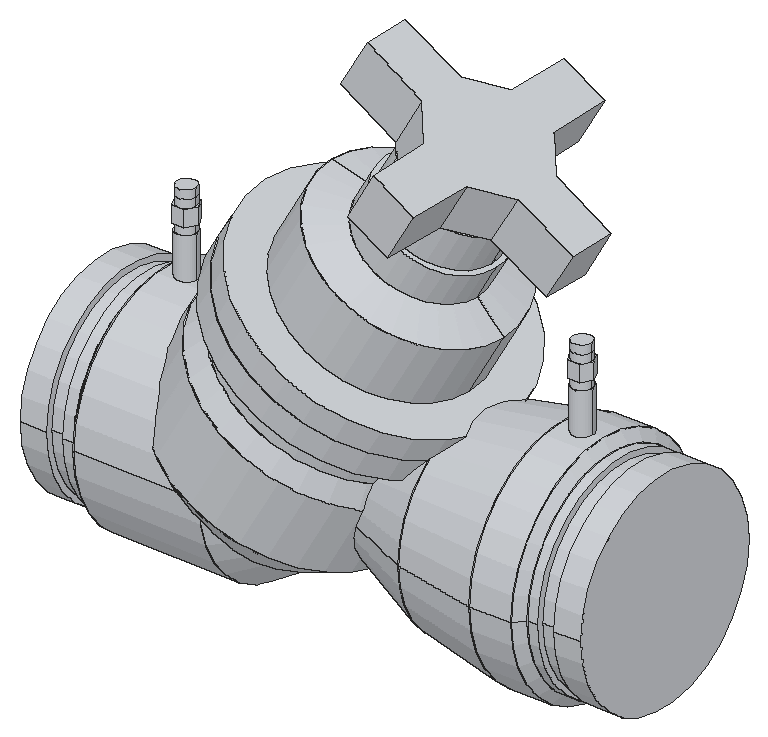
Revit family "447_d-DN250-RFA_2018", category Pipe Accessories, Revit 2018
Family settings
  Round Connector Dimension = Use Diameter
  Part Type = Valve - Breaks Into
  Work Plane-Based = No
  Always vertical = Yes
  Cut with Voids When Loaded = No
  Shared = No
Parameters (values of type "447_d-DN250")
  magiProductId = "7d63ae0d28f64990bc8ce3477101ef"
  magiProductFamilyId = "eab8c084d85f47fc9aed3208e9defb"
  magiPartTypeId = 304
  isMeasuringValve [instance] = no
  ang2D [instance] = 0.00°
  W3 = 31.658 mm
  W2D = 100 mm
  W2 = 71.601 mm
  W1 = 30.372 mm
  VersionID = "2.0/2018.4.11.4/ZETKAMA_447_GROOVED_001"
  Use Minimum Symbol Size [instance] = yes
  URL = "www.hydronix.cz"
  Type Comments = "drážkový spoj; PN16; -10~+120°C;"
  R9 = 177.45 mm
  R8 = 75.075 mm
  R7 = 81.9 mm
  R6 = 163.8 mm
  R5 = 155 mm
  R4 = 75.075 mm
  R3 = 150.15 mm
  R2 = 129.675 mm
  R13 = 15.657 mm
  R12 = 12.254 mm
  R11 = 13.615 mm
  R1 = 136.5 mm
  R = 125 mm
  QmdConnectorList = "301;D;302;D"
  Productdata [instance] = ""
  Model = ""
  Manufacturer = "Hydronix"
  Maintenance Zone Under Depth [instance] = 137 mm
  Maintenance Zone Right Depth [instance] = 730 mm
  Maintenance Zone Over Depth [instance] = 525 mm
  Maintenance Zone Left Depth [instance] = 730 mm
  Maintenance Zone Front Depth [instance] = 310 mm
  Maintenance Zone Back Depth [instance] = 310 mm
  Maintenance Zone Front Visibility [instance] = no
  MC Product Code = "447 250 d (DN250; PN16 kvs1187,5)"
  MC Piping Given Pressure Drop [instance] = 0.0 Pa
  L9 = 108.921 mm
  L8__ve = -L8  # -54.46 mm
  L8 = 54.46 mm
  L6 = 163.381 mm
  L5 = 10.429 mm
  L4__ve = -L4  # -13.905 mm
  L4 = 13.905 mm
  L3__ve = -L3  # -20.857 mm
  L3 = 20.857 mm
  L2__ve = -L2  # -34.762 mm
  L2D_Min = 3048 mm
  L2D = 350 mm
  L2 = 34.762 mm
  L13 = 27.23 mm
  L12 = 30.372 mm
  L11 = 31.658 mm
  L10 = 71.601 mm
  L1 = 365 mm
  KZ = 60.833 mm
  KL = 105.366 mm
  H9 = 13.779 mm
  H8 = 89.566 mm
  H7 = 34.449 mm
  H6 = 41.338 mm
  H5 = 27.559 mm
  H4 = 103.346 mm
  H17 = 21 mm
  H16 = 10.5 mm
  H15 = 202.65 mm
  H14 = 68.897 mm
  H13 = 51.673 mm
  H11 = 55.118 mm
  H10 = 48.228 mm
  Description = "Ruční vyvažovací ventil s drážkovým spojem"
  D = 250 mm
  CenSd_R13_6 = R13 * cos(30.00°)  # 13.56 mm
  Clearance Zone Height Depth [instance] = 525 mm
  Clearance Zone Circular Radius [instance] = 365 mm
  Clearance Zone Visibility [instance] = no
Types (10, lengths in mm): name | magiProductId | W3 | W2 | W1 | R9 | R8 | R7 | R6 | R5 | R4 | R3 | R2 | R13 | R12 | R11 | R1 | R | Maintenance Zone Under Depth | Maintenance Zone Right Depth | Maintenance Zone Over Depth | Maintenance Zone Left Depth | Maintenance Zone Front Depth | Maintenance Zone Back Depth | MC Product Code | L9 | L8__ve | L8 | L6 | L5 | L4__ve | L4 | L3__ve | L3 | L2__ve | L2 | L13 | L12 | L11 | L10 | L1 | KZ | KL | H9 | H8 | H7 | H6 | H5 | H4 | H17 | H16 | H15 | H14 | H13 | H11 | H10 | D | CenSd_R13_6 | Clearance Zone Height Depth | Clearance Zone Circular Radius
  447_d-DN100 | "e5a6bfdd9ca54003a0551f5d760c3c" | 14.437 | 30.026 | 12.736 | 74.1 | 31.35 | 34.2 | 68.4 | 65 | 31.35 | 62.7 | 54.15 | 7.507 | 5.875 | 6.528 | 57 | 50 | 57 | 350 | 240 | 350 | 130 | 130 | "447 100 d (DN100; PN16 kvs180,5)" | 52.222 | -26.111 | 26.111 | 78.333 | 5 | -6.667 | 6.667 | -10 | 10 | -16.667 | 16.667 | 13.056 | 12.736 | 14.437 | 30.026 | 175 | 29.167 | 50.518 | 6.389 | 41.531 | 15.973 | 19.168 | 12.779 | 47.92 | 9.6 | 4.8 | 86.7 | 31.947 | 23.96 | 25.557 | 22.363 | 100 | 6.501 | 240 | 175
  447_d-DN125 | "5795ec580370482d8c46e49d975863" | 14.437 | 30.026 | 12.736 | 91.65 | 38.775 | 42.3 | 84.6 | 65 | 38.775 | 77.55 | 66.975 | 8.579 | 6.714 | 7.46 | 70.5 | 62.5 | 71 | 400 | 260 | 400 | 130 | 130 | "447 125 d (DN125; PN16 kvs280,0)" | 59.683 | -29.841 | 29.841 | 89.524 | 5.714 | -7.619 | 7.619 | -11.429 | 11.429 | -19.048 | 19.048 | 14.921 | 12.736 | 14.437 | 30.026 | 200 | 33.333 | 57.735 | 7.005 | 45.534 | 17.513 | 21.016 | 14.01 | 52.539 | 10.4 | 5.2 | 103.55 | 35.026 | 26.269 | 28.021 | 24.518 | 125 | 7.43 | 260 | 200
  447_d-DN150 | "9b6b5ad10a674c51b522359e7e2d39" | 14.437 | 30.026 | 12.736 | 109.2 | 46.2 | 50.4 | 100.8 | 65 | 46.2 | 92.4 | 79.8 | 10.295 | 8.057 | 8.952 | 84 | 75 | 84 | 480 | 285 | 480 | 130 | 130 | "447 150 d (DN150; PN16 kvs383,4)" | 71.619 | -35.81 | 35.81 | 107.429 | 6.857 | -9.143 | 9.143 | -13.714 | 13.714 | -22.857 | 22.857 | 17.905 | 12.736 | 14.437 | 30.026 | 240 | 40 | 69.282 | 7.775 | 50.537 | 19.437 | 23.325 | 15.55 | 58.312 | 11.4 | 5.7 | 120.9 | 38.875 | 29.156 | 31.1 | 27.212 | 150 | 8.916 | 285 | 240
  447_d-DN200 | "f5a67fe5c2444fc986ed7f87b9a4ed" | 31.658 | 71.601 | 30.372 | 142.35 | 60.225 | 65.7 | 131.4 | 155 | 60.225 | 120.45 | 104.025 | 12.869 | 10.071 | 11.19 | 109.5 | 100 | 110 | 600 | 480 | 600 | 310 | 310 | "447 200 d (DN200; PN16 kvs710,0)" | 89.524 | -44.762 | 44.762 | 134.286 | 8.571 | -11.429 | 11.429 | -17.143 | 17.143 | -28.571 | 28.571 | 22.381 | 30.372 | 31.658 | 71.601 | 300 | 50 | 86.603 | 12.394 | 80.56 | 30.984 | 37.181 | 24.788 | 92.953 | 19.2 | 9.6 | 168.45 | 61.969 | 46.477 | 49.575 | 43.378 | 200 | 11.145 | 480 | 300
  447_d-DN250 | "7d63ae0d28f64990bc8ce3477101ef" | 31.658 | 71.601 | 30.372 | 177.45 | 75.075 | 81.9 | 163.8 | 155 | 75.075 | 150.15 | 129.675 | 15.657 | 12.254 | 13.615 | 136.5 | 125 | 137 | 730 | 525 | 730 | 310 | 310 | "447 250 d (DN250; PN16 kvs1187,5)" | 108.921 | -54.46 | 54.46 | 163.381 | 10.429 | -13.905 | 13.905 | -20.857 | 20.857 | -34.762 | 34.762 | 27.23 | 30.372 | 31.658 | 71.601 | 365 | 60.833 | 105.366 | 13.779 | 89.566 | 34.449 | 41.338 | 27.559 | 103.346 | 21 | 10.5 | 202.65 | 68.897 | 51.673 | 55.118 | 48.228 | 250 | 13.56 | 525 | 365
  447_d-DN300 | "0a2a34dba99a430aa7daf784d6b0c1" | 31.658 | 71.601 | 30.372 | 210.6 | 89.1 | 97.2 | 194.4 | 155 | 89.1 | 178.2 | 153.9 | 18.231 | 14.268 | 15.853 | 162 | 150 | 162 | 850 | 535 | 850 | 310 | 310 | "447 300 d (DN300; PN16 kvs1504,1)" | 126.825 | -63.413 | 63.413 | 190.238 | 12.143 | -16.19 | 16.19 | -24.286 | 24.286 | -40.476 | 40.476 | 31.706 | 30.372 | 31.658 | 71.601 | 425 | 70.833 | 122.687 | 14.087 | 91.568 | 35.218 | 42.262 | 28.175 | 105.655 | 21.4 | 10.7 | 231.7 | 70.437 | 52.828 | 56.349 | 49.306 | 300 | 15.789 | 535 | 425
  447_d-DN040 | "6dc4a6b5eb924103b02307904d600f" | 9.08 | 17.092 | 7.25 | 31.2 | 13.2 | 14.4 | 28.8 | 37 | 13.2 | 26.4 | 22.8 | 4.29 | 3.357 | 3.73 | 24 | 20 | 24 | 200 | 130 | 200 | 74 | 74 | "447 040 d (DN40; PN16 kvs22,36)" | 29.841 | -14.921 | 14.921 | 44.762 | 2.857 | -3.81 | 3.81 | -5.714 | 5.714 | -9.524 | 9.524 | 7.46 | 7.25 | 9.08 | 17.092 | 100 | 16.667 | 28.868 | 3.433 | 22.317 | 8.583 | 10.3 | 6.867 | 25.75 | 5.2 | 2.6 | 39.4 | 17.167 | 12.875 | 13.733 | 12.017 | 40 | 3.715 | 130 | 100
  447_d-DN050 | "b59a3d0ad4654cda90cee0c397c848" | 9.08 | 17.092 | 7.25 | 39 | 16.5 | 18 | 36 | 37 | 16.5 | 33 | 28.5 | 4.933 | 3.861 | 4.29 | 30 | 25 | 30 | 230 | 130 | 230 | 130 | 130 | "447 050 d (DN50; PN16 kvs32,15)" | 34.317 | -17.159 | 17.159 | 51.476 | 3.286 | -4.381 | 4.381 | -6.571 | 6.571 | -10.952 | 10.952 | 8.579 | 7.25 | 9.08 | 17.092 | 115 | 19.167 | 33.198 | 3.433 | 22.317 | 8.583 | 10.3 | 6.867 | 25.75 | 5.2 | 2.6 | 46 | 17.167 | 12.875 | 13.733 | 12.017 | 50 | 4.272 | 130 | 115
  447_d-DN065 | "356db372cd37496c9ff0d3ad255dc6" | 14.437 | 30.026 | 12.736 | 49.4 | 20.9 | 22.8 | 45.6 | 65 | 20.9 | 41.8 | 36.1 | 6.22 | 4.868 | 5.409 | 38 | 32.5 | 38 | 290 | 220 | 290 | 130 | 130 | "447 065 d (DN65; PN16 kvs83,3)" | 43.27 | -21.635 | 21.635 | 64.905 | 4.143 | -5.524 | 5.524 | -8.286 | 8.286 | -13.81 | 13.81 | 10.817 | 12.736 | 14.437 | 30.026 | 145 | 24.167 | 41.858 | 5.774 | 37.528 | 14.434 | 17.321 | 11.547 | 43.301 | 8.8 | 4.4 | 63.8 | 28.868 | 21.651 | 23.094 | 20.207 | 65 | 5.387 | 220 | 145
  447_d-DN080 | "f43aa02b4841429783243073d22ea7" | 14.437 | 30.026 | 12.736 | 57.85 | 24.475 | 26.7 | 53.4 | 65 | 24.475 | 48.95 | 42.275 | 6.649 | 5.204 | 5.782 | 44.5 | 40 | 45 | 310 | 220 | 310 | 130 | 130 | "447 080 d (DN80; PN16 kvs104,3)" | 46.254 | -23.127 | 23.127 | 69.381 | 4.429 | -5.905 | 5.905 | -8.857 | 8.857 | -14.762 | 14.762 | 11.563 | 12.736 | 14.437 | 30.026 | 155 | 25.833 | 44.745 | 5.774 | 37.528 | 14.434 | 17.321 | 11.547 | 43.301 | 8.8 | 4.4 | 70.95 | 28.868 | 21.651 | 23.094 | 20.207 | 80 | 5.758 | 220 | 155
Reference planes
  plane 1 "Center (Front/Back)": y = 0
  plane 2 "XYPLANE": z = 0
  plane 3 "Center (Left/Right)": x = 0
  plane 4 "159": y = 310
  plane 5 "158": y = -310
  plane 6 "157": z = -137
  plane 7 "156": z = 525
  plane 8 "155": x = -730
  plane 9 "154": x = 730
  plane 10 "132": z = 244.65
  plane 11 "125": z = 234.15
  plane 12 "120": z = 213.15
  plane 13 "119": z = 202.65
  plane 14 "112": x = 257.817
  plane 15 "111": x = -257.817
  plane 16 "109": y = -31.658
  plane 17 "108": y = 31.658
  plane 18 "105": through (310.053, 0, 687.016) normal (0.866, 0, -0.5)
  plane 19 "104": through (257.447, 0, 717.388) normal (0.866, 0, -0.5)
  plane 20 "103": y = -71.601
  plane 21 "102": y = -30.372
  plane 22 "101": y = 71.601
  plane 23 "100": y = 30.372
  plane 24 "99": through (256.333, 0, 718.031) normal (0.866, 0, -0.5)
  plane 25 "98": through (221.742, 0, 738.003) normal (0.866, 0, -0.5)
  plane 26 "97": through (311.167, 0, 686.373) normal (0.866, 0, -0.5)
  plane 27 "96": through (345.758, 0, 666.402) normal (0.866, 0, -0.5)
  plane 28 "95": y = -155
  plane 29 "94": y = 155
  plane 30 "93": through (417.984, 0, 624.702) normal (0.866, 0, -0.5)
  plane 31 "92": through (149.516, 0, 779.702) normal (0.866, 0, -0.5)
  plane 32 "88": x = 121.667
  plane 33 "87": x = 230.587
  plane 34 "81": through (-456.02, 0, 710.15) normal (0.5, 0, 0.866)
  plane 35 "80": through (-483.579, 0, 662.417) normal (0.5, 0, 0.866)
  plane 36 "75": through (-507.693, 0, 620.65) normal (0.5, 0, 0.866)
  plane 37 "72": through (-514.583, 0, 608.717) normal (0.5, 0, 0.866)
  plane 38 "68": through (-559.366, 0, 531.15) normal (0.5, 0, 0.866)
  plane 39 "67": through (-576.59, 0, 501.317) normal (0.5, 0, 0.866)
  plane 40 "62": through (-705.772, 0, 277.567) normal (0.5, 0, 0.866)
  plane 41 "61": through (-593.814, 0, 471.483) normal (0.5, 0, 0.866)
  plane 42 "58": through (-614.483, 0, 435.683) normal (0.5, 0, 0.866)
  plane 43 "56": through (-628.263, 0, 411.817) normal (0.5, 0, 0.866)
  plane 44 "51": y = 0
  plane 45 "49": through (283.75, 0, 702.202) normal (0.866, 0, -0.5)
  plane 46 "48": through (-679.936, 0, 322.317) normal (0.5, 0, 0.866)
  plane 47 "30": x = 285.048
  plane 48 "29": x = 295.476
  plane 49 "28": x = 309.381
  plane 50 "27": x = 330.238
  plane 51 "14": x = -121.667
  plane 52 "13": x = -285.048
  plane 53 "12": x = -295.476
  plane 54 "11": x = -309.381
  plane 55 "10": x = -330.238
  plane 56 "8": x = -365
  plane 57 "7": x = 365
  plane 58 "6": y = 0
  plane 59 "5": x = 0
  plane 60 "4": z = 0
  plane 61 "45XY": through (-649.519, 0, 375) normal (0.5, 0, 0.866)
  plane 62 "45XZ": y = 0
  plane 63 "45YZ": through (375, 0, 649.519) normal (0.866, 0, -0.5)
Forms (mm)
  Blend 1, solid, visible <- "Maintenance Zone Front Visibility"
    base sketch origin (-750, 0, -137) x (1, 0, 0) y (0, 1, 0)
      loop
        line (20, 310) -> (20, -310) -> (1480, -310) -> (1480, 310) -> (20, 310)
    top sketch origin (-750, 0, -137) x (1, 0, 0) y (0, 1, 0)
      loop
        line (20, 310) -> (20, -310) -> (1480, -310) -> (1480, 310) -> (20, 310)
    from 0 to 662
  Extrusion 2, solid, visible <- "Clearance Zone Visibility"
    sketch origin (-750, 0, 0) x (1, 0, 0) y (0, 1, 0)
      loop
        circle (750, 0) r 365
    from 0 to 525 <- "Clearance Zone Height Depth"
  Extrusion 3, solid
    sketch origin (-750, 0, 244.65) x (1, 0, 0) y (0, 1, 0)
      loop
        circle (1007.817, 0) r 12.254
    from 0 to 10.5 <- "H16"
  Extrusion 4, solid
    sketch origin (-750, 0, 234.15) x (1, 0, 0) y (0, 1, 0)
      loop
        circle (1007.817, 0) r 12.254
    from 0 to 10.5 <- "H16"
  Extrusion 5, solid
    sketch origin (-750, 0, 244.65) x (1, 0, 0) y (0, 1, 0)
      loop
        circle (492.183, 0) r 12.254
    from 0 to 10.5 <- "H16"
  Extrusion 6, solid
    sketch origin (-750, 0, 234.15) x (1, 0, 0) y (0, 1, 0)
      loop
        circle (492.183, 0) r 12.254
    from 0 to 10.5 <- "H16"
  Extrusion 7, solid
    sketch origin (-750, 0, 213.15) x (1, 0, 0) y (0, 1, 0)
      loop
        line (1023.475, 0) -> (1015.646, 13.56) -> (999.989, 13.56) -> (992.16, 0) -> (999.989, -13.56) -> (1015.646, -13.56) -> (1023.475, 0)
    from 0 to 21 <- "H17"
  Extrusion 8, solid
    sketch origin (-750, 0, 213.15) x (1, 0, 0) y (0, 1, 0)
      loop
        line (507.84, 0) -> (500.011, 13.56) -> (484.354, 13.56) -> (476.525, 0) -> (484.354, -13.56) -> (500.011, -13.56) -> (507.84, 0)
    from 0 to 21 <- "H17"
  Extrusion 9, solid
    sketch origin (-750, 0, 202.65) x (1, 0, 0) y (0, 1, 0)
      loop
        circle (1007.817, 0) r 12.254
    from 0 to 10.5 <- "H16"
  Extrusion 10, solid
    sketch origin (-750, 0, 202.65) x (1, 0, 0) y (0, 1, 0)
      loop
        circle (492.183, 0) r 12.254
    from 0 to 10.5 <- "H16"
  Extrusion 11, solid
    sketch origin (-750, 0, 0) x (1, 0, 0) y (0, 1, 0)
      loop
        circle (1007.817, 0) r 13.615
    from 0 to 202.65 <- "H15"
  Extrusion 12, solid
    sketch origin (-750, 0, 0) x (1, 0, 0) y (0, 1, 0)
      loop
        circle (492.183, 0) r 13.615
    from 0 to 202.65 <- "H15"
  Extrusion 13, solid
    sketch origin (-456.02, 0, 710.15) x (0.866025, 0, -0.5) y (0, 1, 0)
      loop
        line (489.634, 30.372) -> (489.634, -30.372) -> (573.033, -31.658) -> (612.976, -71.601) -> (614.262, -155) -> (675.005, -155) -> (676.292, -71.601) -> (716.234, -31.658) -> (799.634, -30.372) -> (799.634, 30.372) -> (716.234, 31.658) -> (676.292, 71.601) -> (675.005, 155) -> (614.262, 155) -> (612.976, 71.601) -> (573.033, 31.658) -> (489.634, 30.372)
    from 0 to 68.897 <- "H14"
  Blend 14, solid
    base sketch origin (230.587, -750, 0) x (0, 1, 0) y (0, 0, 1)
      loop
        circle (750, 0) r 150.15
    top sketch origin (230.587, -750, 0) x (0, 1, 0) y (0, 0, 1)
      loop
        circle (750, 0) r 129.675
    from 0 to -108.921
  Extrusion 15, solid
    sketch origin (-576.59, 0, 501.317) x (0.866025, 0, -0.5) y (0, 1, 0)
      loop
        circle (644.634, 0) r 177.45
    from 0 to 34.449 <- "H7"
  Extrusion 16, solid
    sketch origin (-593.814, 0, 471.483) x (0.866025, 0, -0.5) y (0, 1, 0)
      loop
        circle (644.634, 0) r 177.45
    from 0 to 34.449 <- "H7"
  Extrusion 17, solid
    sketch origin (-483.579, 0, 662.417) x (0.866025, 0, -0.5) y (0, 1, 0)
      loop
        circle (644.634, 0) r 75.075
    from 0 to 55.118 <- "H11"
  Blend 18, solid
    base sketch origin (-514.583, 0, 608.717) x (0.866025, 0, -0.5) y (0, 1, 0)
      loop
        circle (644.634, 0) r 129.675
    top sketch origin (-514.583, 0, 608.717) x (0.866025, 0, -0.5) y (0, 1, 0)
      loop
        circle (644.634, 0) r 81.9
    from 0 to 13.779
  Extrusion 19, solid
    sketch origin (-559.366, 0, 531.15) x (0.866025, 0, -0.5) y (0, 1, 0)
      loop
        circle (644.634, 0) r 129.675
    from 0 to 89.566 <- "H8"
  Extrusion 20, solid
    sketch origin (-507.693, 0, 620.65) x (0.866025, 0, -0.5) y (0, 1, 0)
      loop
        circle (644.634, 0) r 81.9
    from 0 to 48.228 <- "H10"
  Blend 21, solid
    base sketch origin (-679.936, 0, 322.317) x (0.866025, 0, -0.5) y (0, 1, 0)
      loop
        circle (644.634, 0) r 163.8
    top sketch origin (-679.936, 0, 322.317) x (0.866025, 0, -0.5) y (0, 1, 0)
      loop
        circle (644.634, 0) r 125
    from 0 to -51.673
  Extrusion 22, solid
    sketch origin (-614.483, 0, 435.683) x (0.866025, 0, -0.5) y (0, 1, 0)
      loop
        circle (644.634, 0) r 150.15
    from 0 to 41.338 <- "H6"
  Blend 23, solid
    base sketch origin (-628.263, 0, 411.817) x (0.866025, 0, -0.5) y (0, 1, 0)
      loop
        circle (644.634, 0) r 163.8
    top sketch origin (-628.263, 0, 411.817) x (0.866025, 0, -0.5) y (0, 1, 0)
      loop
        circle (644.634, 0) r 150.15
    from 0 to 27.559
  Extrusion 24, solid
    sketch origin (-679.936, 0, 322.317) x (0.866025, 0, -0.5) y (0, 1, 0)
      loop
        circle (644.634, 0) r 163.8
    from 0 to 103.346 <- "H4"
  Extrusion 25, solid
    sketch origin (365, -750, 0) x (0, 1, 0) y (0, 0, 1)
      loop
        circle (750, 0) r 136.5
    from 0 to -34.762 <- "L2__ve"
  Extrusion 26, solid
    sketch origin (330.238, -750, 0) x (0, 1, 0) y (0, 0, 1)
      loop
        circle (750, 0) r 129.675
    from 0 to -20.857 <- "L3__ve"
  Extrusion 27, solid
    sketch origin (309.381, -750, 0) x (0, 1, 0) y (0, 0, 1)
      loop
        circle (750, 0) r 136.5
    from 0 to -13.905 <- "L4__ve"
  Blend 28, solid
    base sketch origin (295.476, -750, 0) x (0, 1, 0) y (0, 0, 1)
      loop
        circle (750, 0) r 136.5
    top sketch origin (295.476, -750, 0) x (0, 1, 0) y (0, 0, 1)
      loop
        circle (750, 0) r 150.15
    from 0 to -10.429
  Extrusion 29, solid
    sketch origin (285.048, -750, 0) x (0, 1, 0) y (0, 0, 1)
      loop
        circle (750, 0) r 150.15
    from 0 to -54.46 <- "L8__ve"
  Blend 30, solid
    base sketch origin (121.667, -750, 0) x (0, 1, 0) y (0, 0, 1)
      loop
        circle (750, 0) r 129.675
    top sketch origin (121.667, -750, 0) x (0, 1, 0) y (0, 0, 1)
      loop
        circle (750, 0) r 75.075
    from 0 to -121.667
  Blend 31, solid
    base sketch origin (-121.667, -750, 0) x (0, 1, 0) y (0, 0, 1)
      loop
        circle (750, 0) r 150.15
    top sketch origin (-121.667, -750, 0) x (0, 1, 0) y (0, 0, 1)
      loop
        circle (750, 0) r 75.075
    from 0 to 121.667
  Extrusion 32, solid
    sketch origin (-285.048, -750, 0) x (0, 1, 0) y (0, 0, 1)
      loop
        circle (750, 0) r 150.15
    from 0 to 163.381 <- "L6"
  Blend 33, solid
    base sketch origin (-295.476, -750, 0) x (0, 1, 0) y (0, 0, 1)
      loop
        circle (750, 0) r 136.5
    top sketch origin (-295.476, -750, 0) x (0, 1, 0) y (0, 0, 1)
      loop
        circle (750, 0) r 150.15
    from 0 to 10.429
  Extrusion 34, solid
    sketch origin (-309.381, -750, 0) x (0, 1, 0) y (0, 0, 1)
      loop
        circle (750, 0) r 136.5
    from 0 to 13.905 <- "L4"
  Extrusion 35, solid
    sketch origin (-330.238, -750, 0) x (0, 1, 0) y (0, 0, 1)
      loop
        circle (750, 0) r 129.675
    from 0 to 20.857 <- "L3"
  Extrusion 36, solid
    sketch origin (-365, -750, 0) x (0, 1, 0) y (0, 0, 1)
      loop
        circle (750, 0) r 136.5
    from 0 to 34.762 <- "L2"
  Extrusion 37, solid, not visible
    sketch origin (-365, -750, 0) x (0, 1, 0) y (0, 0, 1)
      loop
        circle (750, 0) r 27.635
    from 0 to 10
  Extrusion 38, solid, not visible
    sketch origin (365, -750, 0) x (0, 1, 0) y (0, 0, 1)
      loop
        circle (750, 0) r 27.635
    from 0 to -10
Lines and regions (mm)
  reference lines, not visible
    curve 1: circle (2, 2, 0) r 1 normal (0, 0, 1)
  reference lines
    curve 2: line (257.817, 0, 213.15) -> (255.941, 3.251, 213.15)
    curve 3: line (257.817, 0, 213.15) -> (254.064, 0, 213.15)
    curve 4: line (257.817, 0, 213.15) -> (255.941, -3.251, 213.15)
    curve 5: line (-257.817, 0, 213.15) -> (-259.694, 3.251, 213.15)
    curve 6: line (-257.817, 0, 213.15) -> (-261.571, 0, 213.15)
    curve 7: line (-257.817, 0, 213.15) -> (-259.694, -3.251, 213.15)
Dimensions and locks
  plane 1 "Center (Front/Back)" to curve 1 = 2 mm
  "Maintenance Zone Back Depth": plane 1 "Center (Front/Back)" to plane 4 "159"
  "Maintenance Zone Front Depth": plane 1 "Center (Front/Back)" to plane 5 "158"
  "Maintenance Zone Under Depth": plane 2 "XYPLANE" to plane 6 "157"
  "Maintenance Zone Over Depth": plane 2 "XYPLANE" to plane 7 "156"
  "Maintenance Zone Left Depth": plane 3 "Center (Left/Right)" to plane 8 "155"
  "Maintenance Zone Right Depth": plane 3 "Center (Left/Right)" to plane 9 "154"
  "H16": plane 11 "125" to plane 10 "132"
  "H17": plane 12 "120" to plane 11 "125"
  "H16": plane 13 "119" to plane 12 "120"
  "H15": plane 2 "XYPLANE" to plane 13 "119"
  "L13": plane 47 "30" to plane 14 "112"
  "L13": plane 52 "13" to plane 15 "111"
  "W3": plane 44 "51" to plane 16 "109"
  "W3": plane 44 "51" to plane 17 "108"
  "L12": plane 45 "49" to plane 18 "105"
  "L12": plane 45 "49" to plane 19 "104"
  "W2": plane 58 "6" to plane 20 "103"
  "W1": plane 58 "6" to plane 21 "102"
  "W2": plane 58 "6" to plane 22 "101"
  "W1": plane 58 "6" to plane 23 "100"
  "L11": plane 45 "49" to plane 24 "99"
  "L10": plane 45 "49" to plane 25 "98"
  "L11": plane 45 "49" to plane 26 "97"
  "L10": plane 45 "49" to plane 27 "96"
  "R5": plane 58 "6" to plane 28 "95"
  "R5": plane 58 "6" to plane 29 "94"
  "R5": plane 45 "49" to plane 30 "93"
  "R5": plane 45 "49" to plane 31 "92"
  "L9": plane 33 "87" to plane 32 "88"
  "L8": plane 47 "30" to plane 33 "87"
  "H11": plane 35 "80" to plane 34 "81"
  "H10": plane 36 "75" to plane 35 "80"
  "H9": plane 37 "72" to plane 36 "75"
  "H8": plane 38 "68" to plane 37 "72"
  "H7": plane 39 "67" to plane 38 "68"
  "H7": plane 41 "61" to plane 39 "67"
  "H13": plane 46 "48" to plane 40 "62"
  "H6": plane 42 "58" to plane 41 "61"
  "H5": plane 43 "56" to plane 42 "58"
  "H4": plane 46 "48" to plane 43 "56"
  locked: plane 58 "6" to plane 44 "51"
  "KL": plane 63 "45YZ" to plane 45 "49"
  "KZ": plane 61 "45XY" to plane 46 "48"
  "L5": plane 48 "29" to plane 47 "30"
  "L4": plane 49 "28" to plane 48 "29"
  "L3": plane 50 "27" to plane 49 "28"
  "L2": plane 57 "7" to plane 50 "27"
  "L6": plane 52 "13" to plane 51 "14"
  "L5": plane 53 "12" to plane 52 "13"
  "L4": plane 54 "11" to plane 53 "12"
  "L3": plane 55 "10" to plane 54 "11"
  "L2": plane 56 "8" to plane 55 "10"
  "L1": plane 3 "Center (Left/Right)" to plane 56 "8"
  "L1": plane 3 "Center (Left/Right)" to plane 57 "7"
  locked: plane 1 "Center (Front/Back)" to plane 58 "6"
  locked: plane 3 "Center (Left/Right)" to plane 59 "5"
  locked: plane 2 "XYPLANE" to plane 60 "4"
  Blend 1 sketch curve to Blend 1 sketch curve = 0 mm  (x16)
  "CenSd_R13_6": curve 2 to Extrusion 7 sketch curve  (x2)
  "CenSd_R13_6": curve 3 to Extrusion 7 sketch curve  (x2)
  "CenSd_R13_6": curve 4 to Extrusion 7 sketch curve  (x2)
  Extrusion 7 sketch curve to Extrusion 7 sketch curve = 0 mm  (x12)
  "CenSd_R13_6": curve 5 to Extrusion 8 sketch curve  (x2)
  "CenSd_R13_6": curve 6 to Extrusion 8 sketch curve  (x2)
  "CenSd_R13_6": curve 7 to Extrusion 8 sketch curve  (x2)
  Extrusion 8 sketch curve to Extrusion 8 sketch curve = 0 mm  (x12)
  Extrusion 13 sketch curve to Extrusion 13 sketch curve = 0 mm  (x32)
  "Clearance Zone Circular Radius": radius of Extrusion 2 sketch curve
  "R12": radius of Extrusion 3 sketch curve
  "R12": radius of Extrusion 4 sketch curve
  "R12": radius of Extrusion 5 sketch curve
  "R12": radius of Extrusion 6 sketch curve
  "R12": radius of Extrusion 9 sketch curve
  "R12": radius of Extrusion 10 sketch curve
  "R11": radius of Extrusion 11 sketch curve
  "R11": radius of Extrusion 12 sketch curve
  "R2": radius of Blend 14 sketch curve
  "R3": radius of Blend 14 sketch curve
  "R9": radius of Extrusion 15 sketch curve
  "R9": radius of Extrusion 16 sketch curve
  "R8": radius of Extrusion 17 sketch curve
  "R7": radius of Blend 18 sketch curve
  "R2": radius of Blend 18 sketch curve
  "R2": radius of Extrusion 19 sketch curve
  "R7": radius of Extrusion 20 sketch curve
  "R": radius of Blend 21 sketch curve
  "R6": radius of Blend 21 sketch curve
  "R3": radius of Extrusion 22 sketch curve
  "R3": radius of Blend 23 sketch curve
  "R6": radius of Blend 23 sketch curve
  "R6": radius of Extrusion 24 sketch curve
  "R1": radius of Extrusion 25 sketch curve
  "R2": radius of Extrusion 26 sketch curve
  "R1": radius of Extrusion 27 sketch curve
  "R3": radius of Blend 28 sketch curve
  "R1": radius of Blend 28 sketch curve
  "R3": radius of Extrusion 29 sketch curve
  "R4": radius of Blend 30 sketch curve
  "R2": radius of Blend 30 sketch curve
  "R4": radius of Blend 31 sketch curve
  "R3": radius of Blend 31 sketch curve
  "R3": radius of Extrusion 32 sketch curve
  "R3": radius of Blend 33 sketch curve
  "R1": radius of Blend 33 sketch curve
  "R1": radius of Extrusion 34 sketch curve
  "R2": radius of Extrusion 35 sketch curve
  "R1": radius of Extrusion 36 sketch curve
  locked: curve 3 to curve 2 (angle 60.00°)
  locked: curve 4 to curve 3 (angle 60.00°)
  locked: curve 4 to curve 2 (angle 120.00°)
  locked: curve 6 to curve 5 (angle 60.00°)
  locked: curve 7 to curve 6 (angle 60.00°)
  locked: curve 7 to curve 5 (angle 120.00°)
  aligned and locked: level to plane 2 "XYPLANE"
  aligned and locked: Blend 1 sketch curve to plane 8 "155"  (x2)
  aligned and locked: plane 4 "159" to Blend 1 sketch curve  (x4)
  aligned and locked: plane 5 "158" to Blend 1 sketch curve  (x4)
  aligned and locked: plane 8 "155" to Blend 1 sketch curve  (x2)
  aligned and locked: plane 9 "154" to Blend 1 sketch curve  (x4)
  aligned and locked: plane 7 "156" to Blend 1
  aligned and locked: plane 58 "6" to Extrusion 2 sketch curve
  aligned and locked: plane 59 "5" to Extrusion 2 sketch curve
  aligned and locked: plane 14 "112" to Extrusion 3 sketch curve
  aligned and locked: plane 58 "6" to Extrusion 3 sketch curve
  aligned and locked: plane 14 "112" to Extrusion 4 sketch curve
  aligned and locked: plane 58 "6" to Extrusion 4 sketch curve
  aligned and locked: plane 15 "111" to Extrusion 5 sketch curve
  aligned and locked: plane 58 "6" to Extrusion 5 sketch curve
  aligned and locked: plane 15 "111" to Extrusion 6 sketch curve
  aligned and locked: plane 58 "6" to Extrusion 6 sketch curve
  aligned and locked: plane 14 "112" to curve 4
  aligned and locked: plane 58 "6" to curve 4
  aligned and locked: plane 15 "111" to curve 6
  aligned and locked: plane 58 "6" to curve 6
  aligned and locked: plane 14 "112" to Extrusion 9 sketch curve
  aligned and locked: plane 58 "6" to Extrusion 9 sketch curve
  aligned and locked: plane 15 "111" to Extrusion 10 sketch curve
  aligned and locked: plane 58 "6" to Extrusion 10 sketch curve
  aligned and locked: plane 14 "112" to Extrusion 11 sketch curve
  aligned and locked: plane 58 "6" to Extrusion 11 sketch curve
  aligned and locked: plane 15 "111" to Extrusion 12 sketch curve
  aligned and locked: plane 58 "6" to Extrusion 12 sketch curve
  aligned and locked: Extrusion 13 sketch curve to plane 31 "92"  (x2)
  aligned and locked: plane 23 "100" to Extrusion 13 sketch curve  (x2)
  aligned and locked: plane 21 "102" to Extrusion 13 sketch curve  (x2)
  aligned and locked: plane 16 "109" to Extrusion 13 sketch curve  (x2)
  aligned and locked: Extrusion 13 sketch curve to plane 25 "98"
  aligned and locked: plane 20 "103" to Extrusion 13 sketch curve  (x2)
  aligned and locked: Extrusion 13 sketch curve to plane 24 "99"
  aligned and locked: plane 28 "95" to Extrusion 13 sketch curve  (x2)
  aligned and locked: Extrusion 13 sketch curve to plane 19 "104"
  aligned and locked: Extrusion 13 sketch curve to plane 18 "105"
  aligned and locked: Extrusion 13 sketch curve to plane 26 "97"
  aligned and locked: Extrusion 13 sketch curve to plane 27 "96"
  aligned and locked: Extrusion 13 sketch curve to plane 30 "93"
  aligned and locked: plane 30 "93" to Extrusion 13 sketch curve
  aligned and locked: plane 17 "108" to Extrusion 13 sketch curve  (x2)
  aligned and locked: plane 27 "96" to Extrusion 13 sketch curve
  aligned and locked: plane 22 "101" to Extrusion 13 sketch curve  (x2)
  aligned and locked: plane 26 "97" to Extrusion 13 sketch curve
  aligned and locked: plane 18 "105" to Extrusion 13 sketch curve
  aligned and locked: plane 29 "94" to Extrusion 13 sketch curve  (x2)
  aligned and locked: plane 19 "104" to Extrusion 13 sketch curve
  aligned and locked: plane 24 "99" to Extrusion 13 sketch curve
  aligned and locked: plane 25 "98" to Extrusion 13 sketch curve
  aligned and locked: Blend 14 sketch curve to plane 58 "6"  (x2)
  aligned and locked: plane 60 "4" to Blend 14 sketch curve  (x2)
  aligned and locked: Blend 14 to plane 32 "88"
  aligned and locked: plane 44 "51" to Extrusion 15 sketch curve
  aligned and locked: Extrusion 15 sketch curve to plane 45 "49"
  aligned and locked: plane 44 "51" to Extrusion 16 sketch curve
  aligned and locked: Extrusion 16 sketch curve to plane 45 "49"
  aligned and locked: plane 44 "51" to Extrusion 17 sketch curve
  aligned and locked: Extrusion 17 sketch curve to plane 45 "49"
  aligned and locked: plane 44 "51" to Blend 18 sketch curve  (x2)
  aligned and locked: Blend 18 sketch curve to plane 45 "49"  (x2)
  aligned and locked: plane 36 "75" to Blend 18
  aligned and locked: plane 44 "51" to Extrusion 19 sketch curve
  aligned and locked: Extrusion 19 sketch curve to plane 45 "49"
  aligned and locked: plane 44 "51" to Extrusion 20 sketch curve
  aligned and locked: Extrusion 20 sketch curve to plane 45 "49"
  aligned and locked: plane 44 "51" to Blend 21 sketch curve  (x2)
  aligned and locked: Blend 21 sketch curve to plane 45 "49"  (x2)
  aligned and locked: Blend 21 to plane 40 "62"
  aligned and locked: plane 44 "51" to Extrusion 22 sketch curve
  aligned and locked: Extrusion 22 sketch curve to plane 45 "49"
  aligned and locked: plane 44 "51" to Blend 23 sketch curve  (x2)
  aligned and locked: Blend 23 sketch curve to plane 45 "49"  (x2)
  aligned and locked: plane 42 "58" to Blend 23
  aligned and locked: plane 44 "51" to Extrusion 24 sketch curve
  aligned and locked: Extrusion 24 sketch curve to plane 45 "49"
  aligned and locked: Extrusion 25 sketch curve to plane 58 "6"
  aligned and locked: plane 60 "4" to Extrusion 25 sketch curve
  aligned and locked: Extrusion 26 sketch curve to plane 58 "6"
  aligned and locked: plane 60 "4" to Extrusion 26 sketch curve
  aligned and locked: Extrusion 27 sketch curve to plane 58 "6"
  aligned and locked: plane 60 "4" to Extrusion 27 sketch curve
  aligned and locked: Blend 28 sketch curve to plane 58 "6"  (x2)
  aligned and locked: plane 60 "4" to Blend 28 sketch curve  (x2)
  aligned and locked: Blend 28 to plane 47 "30"
  aligned and locked: Extrusion 29 sketch curve to plane 58 "6"
  aligned and locked: plane 60 "4" to Extrusion 29 sketch curve
  aligned and locked: Blend 30 sketch curve to plane 58 "6"  (x2)
  aligned and locked: plane 60 "4" to Blend 30 sketch curve  (x2)
  aligned and locked: Blend 30 to plane 59 "5"
  aligned and locked: Blend 31 sketch curve to plane 58 "6"  (x2)
  aligned and locked: plane 60 "4" to Blend 31 sketch curve  (x2)
  aligned and locked: plane 59 "5" to Blend 31
  aligned and locked: Extrusion 32 sketch curve to plane 58 "6"
  aligned and locked: plane 60 "4" to Extrusion 32 sketch curve
  aligned and locked: Blend 33 sketch curve to plane 58 "6"  (x2)
  aligned and locked: plane 60 "4" to Blend 33 sketch curve  (x2)
  aligned and locked: plane 52 "13" to Blend 33
  aligned and locked: Extrusion 34 sketch curve to plane 58 "6"
  aligned and locked: plane 60 "4" to Extrusion 34 sketch curve
  aligned and locked: Extrusion 35 sketch curve to plane 58 "6"
  aligned and locked: plane 60 "4" to Extrusion 35 sketch curve
  aligned and locked: Extrusion 36 sketch curve to plane 58 "6"
  aligned and locked: plane 60 "4" to Extrusion 36 sketch curve
  aligned and locked: Extrusion 37 sketch curve to plane 58 "6"
  aligned and locked: plane 60 "4" to Extrusion 37 sketch curve
  aligned and locked: Extrusion 38 sketch curve to plane 58 "6"
  aligned and locked: plane 60 "4" to Extrusion 38 sketch curve
Automatic sketch dimensions
  plane 21 "102" to Extrusion 37 sketch curve = 2.736 mm
  plane 21 "102" to Extrusion 38 sketch curve = 2.736 mm
  plane 3 "Center (Left/Right)" to curve 1 = 2 mm
  radius of curve 1 = 1 mm
Connectors
  piping at (-365, 0, 0), diameter 250, driven by "D"
    settings: on Extrusion 37, index 1, connector inside diameter 609.6 mm, connector length 0 mm, flow factor 0, pipe flow 0.0 L/s, pressure drop 0.0 Pa, fitting loss kfactor 0, connector angle 0.00°, fixture units 0, engagement length 0 mm, angle of deflection 0.00°, flow configuration 0, flow direction 0, fitting loss method 0, system type 29, joint type 0, gender type 0, connector reference index 2, connector utility 0, adjustable connector no, is connector primary yes, connector description ""
  piping at (365, 0, 0), diameter 250, driven by "D"
    settings: on Extrusion 38, index 2, connector inside diameter 609.6 mm, connector length 0 mm, flow factor 0, pipe flow 0.0 L/s, pressure drop 0.0 Pa, fitting loss kfactor 0, connector angle 0.00°, fixture units 0, engagement length 0 mm, angle of deflection 0.00°, flow configuration 0, flow direction 0, fitting loss method 0, system type 29, joint type 0, gender type 0, connector reference index 1, connector utility 0, adjustable connector no, is connector primary no, connector description ""
